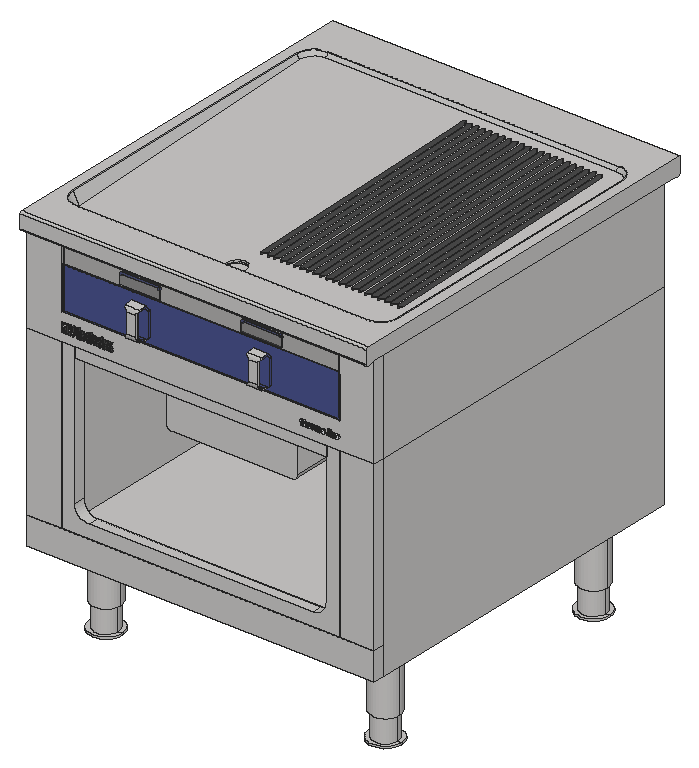
Revit family "QF_ELECTROLUXPROFESSIONAL_589840_MCH2EAH1DM", category Attrezzature speciali, Revit 2021
Family settings
  Quota connettore circolare = Usa diametro
  Tipo di parte = Normale
  Basato su piano di lavoro = No
  Sempre verticale = Sì
  Taglio con vuoti quando caricato = No
  Condiviso = No
  Punto di calcolo locali = No
Parameters (values of type "Standard")
  Weight = 150.00 kg
  Watts = 15300 W
  Volts = 440 V
  URL Manufacturer = "https://www.electroluxprofessional.com/"
  URL = "https://www.electroluxprofessional.com/"
  Steam Supply Size = 0"
  Steam Supply Minimum Pressure = 0.00 psi
  Steam Supply Maximum Pressure = 0.00 psi
  Steam Consumption per Hour = 0
  Refrigeration Suction Line Size = 0 mm
  Refrigeration Liquid Line Size = 0 mm
  Refrigerant Compressor Remote = yes
  Prospetto di default = 0 mm
  Phase = 3
  Modello = "MCH2EAH1DM"
  Produttore = "Electrolux Professional"
  Length Actual = 800 mm  # constant formula
  Item Number = "589840"
  Hot Water Size = 0"
  Height Actual = 700 mm  # constant formula
  HP = "20.5 HP"
  Gas Size = 0"
  Gas KW = 0
  Gas Input Pressure = 0.0 Btu/h
  Direct Waste Size = 0"
  Descrizione = "FRYTOP,H3,MXD,2Z,1S,800X900X700H MARINE"
  Depth Actual = 900 mm  # constant formula
  Cycle = 50 Hz
  Condensate Return Size = 0"
  Compressed Air Volume = 0 GPM
  Compressed Air Size = 0"
  Compressed Air Pressure = 0.00 psi
  Cold Water Size = 0"
  Accessory = yes
Reference planes
  plane 1 "BACK": y = 0
  plane 2: z = 0
  plane 3 "LEFT": x = 0
  plane 4 "RIGHT": x = 800
  plane 5 "FRONT": y = -900
  plane 6 "TOP": z = 900
  plane 7 "Center (Left/Right)": x = 400
  plane 8 "Center (Front/Back)": y = -425
  plane 9: y = -150
  plane 10: y = -65
  plane 11: y = -840
  plane 12 "EIY": y = -685
  plane 13: z = 938
  plane 14 "BaseTop": z = 650
  plane 15: y = -855
  plane 16 "Camino": y = -50
  plane 17 "EIx": x = 755
  plane 18: z = 1131
  plane 19 "PlaneRibbed": through (-6096, -65, 890) normal (0, -0.0251, 0.9997)
  plane 20 "Base": z = 200
Forms (mm)
  Extrusion 1, solid, material "QF_Finishes_Stainless Steel"
    sketch origin (-178.969, -4572, 100) x (-1, 0, 0) y (0, -1, 0)
      loop
        line (-178.969, -4527) -> (-178.969, -3717) -> (-978.969, -3717) -> (-978.969, -4527) -> (-178.969, -4527)
    from 550 to 762.969
  Extrusion 2, solid, material "QF_Finishes_Stainless Steel"
    sketch origin (400, 296.4, 1219.2) x (0, 1, 0) y (0, 0, 1)
      loop
        line (-296.4, -319.2) -> (-1191.4, -319.2)
        arc (-1191.4, -319.2) -> (-1194.935, -320.664) -> (-1196.4, -324.2) r 5
        line (-1196.4, -324.2) -> (-1196.4, -355.2)
        arc (-1196.4, -355.2) -> (-1194.971, -358.264) -> (-1191.705, -359.139) r 4
        line (-1191.705, -359.139) -> (-1176.4, -356.231) -> (-316.4, -356.231) -> (-301.094, -359.139)
        arc (-301.094, -359.139) -> (-297.829, -358.264) -> (-296.4, -355.2) r 4
        line (-296.4, -355.2) -> (-296.4, -319.2)
    from -400 to 400
  Extrusion 3, void
    sketch origin (0, -30, 900) x (-1, 0, 0) y (0, -1, 0)
      loop
        arc (-65, 65) -> (-36.716, 76.716) -> (-25, 105) r 40
        line (-25, 105) -> (-25, 750)
        arc (-25, 750) -> (-36.716, 778.284) -> (-65, 790) r 40
        line (-65, 790) -> (-735, 790)
        arc (-735, 790) -> (-763.284, 778.284) -> (-775, 750) r 40
        line (-775, 750) -> (-775, 105)
        arc (-775, 105) -> (-763.284, 76.716) -> (-735, 65) r 40
        line (-735, 65) -> (-65, 65)
    from 0 to -30
  Extrusion 4, solid, material "QF_Finishes_Stainless Steel"
    sketch origin (0, -50, 200) x (-1, 0, 0) y (0, -1, 0)
      loop
        circle (-755, 635) r 10.1
    from 0 to -10
  Sweep 5, solid, material "QF_Finishes_Stainless Steel"
    path origin (0, -30, 900) x (-1, 0, 0) y (0, -1, 0)
      loop
        line (-25, 105) -> (-25, 750)
        arc (-25, 750) -> (-36.716, 778.284) -> (-65, 790) r 40
        line (-65, 790) -> (-735, 790)
        arc (-735, 790) -> (-763.284, 778.284) -> (-775, 750) r 40
        line (-775, 750) -> (-775, 105)
        arc (-775, 105) -> (-763.284, 76.716) -> (-735, 65) r 40
        line (-735, 65) -> (-65, 65)
        arc (-65, 65) -> (-36.716, 76.716) -> (-25, 105) r 40
    profile origin (25, -457.5, 900) x (1, 0, 0) y (0, 0, 1)
      loop
        line (0, 0) -> (0, -30) -> (15, -30) -> (0, 0)
  Extrusion 6, void
    sketch origin (305.009, -30, 900) x (-1, 0, 0) y (0, -1, 0)
      loop
        circle (-94.991, 746) r 22.248
    from -32.282 to 0
  Extrusion 7, solid, material "QF_Finishes_Stainless Steel"
    sketch origin (400, 266.4, 1219.2) x (0, 1, 0) y (0, 0, 1)
      loop
        line (-1086.4, -349.2) -> (-361.4, -349.2) -> (-361.4, -329.2) -> (-1086.4, -347.399) -> (-1086.4, -349.2)
    from -375 to 375
  Extrusion 8, void
    sketch origin (290.252, -10, 900) x (-1, 0, 0) y (0, -1, 0)
      loop
        circle (-109.748, 765.667) r 22.248
    from -32.282 to 0
  Extrusion 9, solid, material "QF_Finishes_Stainless Steel"
    sketch origin (0, -425, 0) x (-1, 0, 0) y (0, 0, 1)
      loop
        line (-264.372, 616.232) -> (-236.622, 616.232)
        arc (-236.622, 616.232) -> (-235.738, 615.866) -> (-235.372, 614.982) r 1.25
        line (-235.372, 614.982) -> (-235.372, 584.482)
        arc (-235.372, 584.482) -> (-235.738, 583.598) -> (-236.622, 583.232) r 1.25
        line (-236.622, 583.232) -> (-249.372, 583.232) -> (-249.372, 582.232) -> (-236.622, 582.232)
        arc (-236.622, 582.232) -> (-235.031, 582.891) -> (-234.372, 584.482) r 2.25
        line (-234.372, 584.482) -> (-234.372, 614.982)
        arc (-234.372, 614.982) -> (-235.031, 616.573) -> (-236.622, 617.232) r 2.25
        line (-236.622, 617.232) -> (-264.372, 617.232) -> (-264.372, 616.232)
      loop
        line (-537.372, 616.232) -> (-537.372, 617.232) -> (-565.122, 617.232)
        arc (-565.122, 617.232) -> (-566.713, 616.573) -> (-567.372, 614.982) r 2.25
        line (-567.372, 614.982) -> (-567.372, 584.482)
        arc (-567.372, 584.482) -> (-566.713, 582.891) -> (-565.122, 582.232) r 2.25
        line (-565.122, 582.232) -> (-552.372, 582.232) -> (-552.372, 583.232) -> (-565.122, 583.232)
        arc (-565.122, 583.232) -> (-566.006, 583.598) -> (-566.372, 584.482) r 1.25
        line (-566.372, 584.482) -> (-566.372, 614.982)
        arc (-566.372, 614.982) -> (-566.006, 615.866) -> (-565.122, 616.232) r 1.25
        line (-565.122, 616.232) -> (-537.372, 616.232)
    from -365 to 360
  Extrusion 10, solid, material "QF_Finishes_Stainless Steel"
    sketch origin (0, -425, 0) x (-1, 0, 0) y (0, 0, 1)
      loop
        line (-249.872, 583.232) -> (-238.372, 583.232) -> (-238.372, 584.232) -> (-244.372, 590.232) -> (-557.372, 590.232) -> (-563.372, 584.232) -> (-563.372, 583.232) -> (-551.872, 583.232) -> (-551.872, 501.232)
        arc (-551.872, 501.232) -> (-548.65, 493.454) -> (-540.872, 490.232) r 11
        line (-540.872, 490.232) -> (-260.872, 490.232)
        arc (-260.872, 490.232) -> (-253.094, 493.454) -> (-249.872, 501.232) r 11
        line (-249.872, 501.232) -> (-249.872, 583.232)
    from -365 to 360
  Extrusion 11, void
    sketch origin (0, -425, 0) x (-1, 0, 0) y (0, 0, 1)
      loop
        line (-254.872, 501.232) -> (-254.872, 590.232) -> (-546.872, 590.232) -> (-546.872, 506.232)
        arc (-546.872, 506.232) -> (-543.65, 498.454) -> (-535.872, 495.232) r 11
        line (-535.872, 495.232) -> (-260.872, 495.232)
        arc (-260.872, 495.232) -> (-256.629, 496.99) -> (-254.872, 501.232) r 6
    from -350 to 355
  Extrusion 12, solid, material "QF_Finishes_Stainless Steel"
    sketch origin (0, -425, 0) x (-1, 0, 0) y (0, 0, 1)
      loop
        line (-690, 617.232) -> (-109.949, 617.232) -> (-109.949, 627) -> (-690, 627) -> (-690, 617.232)
    from -365 to -351.075
Cuts and joins
  Extrusion 3, Extrusion 6, Extrusion 8 cuts Extrusion 2
  Extrusion 8 cuts Sweep 5
  Extrusion 8 cuts Extrusion 7
  joined: Sweep 5, Extrusion 7
  Extrusion 11 cuts Extrusion 10
Lines and regions (mm)
  symbolic lines
    curve 1: line (0, 0, 100) -> (800, 0, 100)
    curve 2: line (0, -900, 100) -> (0, 0, 100)
    curve 3: line (800, -900, 100) -> (0, -900, 100)
    curve 4: line (800, 0, 100) -> (800, -900, 100)
    curve 5: line (734.029, -95, 0) -> (65.29, -95, 0)
    curve 6: line (65.29, -820, 0) -> (734.029, -820, 0)
    curve 7: line (65, -110, 900) -> (735, -110, 900)
    curve 8: line (735, -805, 900) -> (65, -805, 900)
    curve 9: arc (760, -780, 900) -> (752.678, -797.678, 900) -> (735, -805, 900) r 25
    curve 10: line (760, -135, 900) -> (760, -780, 900)
    curve 11: arc (735, -110, 900) -> (752.678, -117.322, 900) -> (760, -135, 900) r 25
    curve 12: circle (400, -776, 900) r 22.248 normal (0, 0, 1)
    curve 13: arc (90.5, -115.483, 900) -> (62.314, -127.096, 900) -> (50.5, -155.198, 900) r 39.994
    curve 14: line (90.5, -115.482, 900) -> (710.5, -115.482, 900)
    curve 15: line (50.5, -692.082, 900) -> (50.5, -155.198, 900)
    curve 16: arc (50.5, -692.082, 900) -> (62.314, -720.184, 900) -> (90.5, -731.797, 900) r 39.994
    curve 17: line (710.5, -731.798, 900) -> (90.5, -731.798, 900)
    curve 18: line (40.29, -738.526, 900) -> (760, -738.526, 900)
    curve 19: line (40.29, -748.526, 900) -> (760, -748.526, 900)
    curve 20: arc (65, -95, 900) -> (36.716, -106.716, 900) -> (25, -135, 900) r 40
    curve 21: line (25, -135, 900) -> (25, -780, 900)
    curve 22: arc (25, -780, 900) -> (36.716, -808.284, 900) -> (65, -820, 900) r 40
    curve 23: arc (735, -820, 900) -> (763.284, -808.284, 900) -> (775, -780, 900) r 40
    curve 24: line (775, -780, 900) -> (775, -135, 900)
    curve 25: arc (775, -135, 900) -> (763.284, -106.716, 900) -> (735, -95, 900) r 40
    curve 26: arc (709.5, -115.483, 900) -> (737.686, -127.096, 900) -> (749.5, -155.198, 900) r 39.994
    curve 27: line (749.5, -692.082, 900) -> (749.5, -155.198, 900)
    curve 28: arc (749.5, -692.082, 900) -> (737.686, -720.184, 900) -> (709.5, -731.797, 900) r 39.994
    curve 29: arc (65, -805, 900) -> (47.322, -797.678, 900) -> (40, -780, 900) r 25
    curve 30: line (40, -780, 900) -> (40, -135, 900)
    curve 31: arc (40, -135, 900) -> (47.322, -117.322, 900) -> (65, -110, 900) r 25
Dimensions and locks
  plane 3 "LEFT" to plane 4 "RIGHT" = 800 mm
  plane 5 "FRONT" to plane 1 "BACK" = 900 mm
  plane 3 "LEFT" to plane 7 "Center (Left/Right)" to plane 4 "RIGHT" = 400 mm, 400 mm
  plane 5 "FRONT" to plane 8 "Center (Front/Back)" to plane 1 "BACK" = 475 mm, 425 mm
  plane 6 "TOP" to level = 900 mm  (x2)
  plane 1 "BACK" to plane 9 = 150 mm
  plane 12 "EIY" to plane 1 "BACK" = 685 mm
  plane 13 to plane 6 "TOP" = 38 mm
  plane 10 to plane 1 "BACK" = 65 mm
  plane 5 "FRONT" to plane 11 = 60 mm
  locked: plane 6 "TOP" to plane 14 "BaseTop" at 250
  locked: plane 15 to plane 5 "FRONT" at 45
  plane 16 "Camino" to plane 1 "BACK" = 50 mm
  plane 17 "EIx" to plane 4 "RIGHT" = 45 mm
  plane 18 to plane 6 "TOP" = 231 mm
  plane 20 "Base" to level = 200 mm
  aligned and locked: level to plane 2
  aligned and locked: cut or joined group of Extrusion 2, Extrusion 3, Extrusion 6, Extrusion 8 to plane 3 "LEFT"
  aligned and locked: cut or joined group of Extrusion 2, Extrusion 3, Extrusion 6, Extrusion 8 to plane 4 "RIGHT"
  aligned and locked: nested 1 to plane 15
  aligned and locked: Extrusion 1 to plane 15
  aligned and locked: plane 3 "LEFT" to nested 1
  aligned and locked: Extrusion 1 to nested 24
  aligned and locked: nested 25 to plane 9
  aligned and locked: nested 26 to plane 9
Nested families
  nested 1: "Front_Panel_W800_2 Knobs" at (202.376, -855, 0), type "Front_Panel_W800_2 Knobs"
  nested 2: "Rib_D12" at (662.5, -409.667, 882.101) x (-1, 0, 0) z (0, -0.0251, 0.9997), type "Rib_D12"
    with Show Clearance yes, Lenght 588 mm
  nested 3: "Rib_D12" at (647.5, -409.667, 882.101) x (-1, 0, 0) z (0, -0.0251, 0.9997), type "Rib_D12"
    with Show Clearance yes, Lenght 588 mm
  nested 4: "Rib_D12" at (632.5, -409.667, 882.101) x (-1, 0, 0) z (0, -0.0251, 0.9997), type "Rib_D12"
    with Show Clearance yes, Lenght 588 mm
  nested 5: "Rib_D12" at (617.5, -409.667, 882.101) x (-1, 0, 0) z (0, -0.0251, 0.9997), type "Rib_D12"
    with Show Clearance yes, Lenght 588 mm
  nested 6: "Rib_D12" at (602.5, -409.667, 882.101) x (-1, 0, 0) z (0, -0.0251, 0.9997), type "Rib_D12"
    with Show Clearance yes, Lenght 588 mm
  nested 7: "Rib_D12" at (587.5, -409.667, 882.101) x (-1, 0, 0) z (0, -0.0251, 0.9997), type "Rib_D12"
    with Show Clearance yes, Lenght 588 mm
  nested 8: "Rib_D12" at (572.5, -409.667, 882.101) x (-1, 0, 0) z (0, -0.0251, 0.9997), type "Rib_D12"
    with Show Clearance yes, Lenght 588 mm
  nested 9: "Rib_D12" at (557.5, -409.667, 882.101) x (-1, 0, 0) z (0, -0.0251, 0.9997), type "Rib_D12"
    with Show Clearance yes, Lenght 588 mm
  nested 10: "Rib_D12" at (542.5, -409.667, 882.101) x (-1, 0, 0) z (0, -0.0251, 0.9997), type "Rib_D12"
    with Show Clearance yes, Lenght 588 mm
  nested 11: "Rib_D12" at (527.5, -409.667, 882.101) x (-1, 0, 0) z (0, -0.0251, 0.9997), type "Rib_D12"
    with Show Clearance yes, Lenght 588 mm
  nested 12: "Rib_D12" at (512.5, -409.667, 882.101) x (-1, 0, 0) z (0, -0.0251, 0.9997), type "Rib_D12"
    with Show Clearance yes, Lenght 588 mm
  nested 13: "Rib_D12" at (497.5, -409.667, 882.101) x (-1, 0, 0) z (0, -0.0251, 0.9997), type "Rib_D12"
    with Show Clearance yes, Lenght 588 mm
  nested 14: "Rib_D12" at (722.5, -409.667, 882.101) x (-1, 0, 0) z (0, -0.0251, 0.9997), type "Rib_D12"
    with Show Clearance yes, Lenght 588 mm
  nested 15: "Rib_D12" at (707.5, -409.667, 882.101) x (-1, 0, 0) z (0, -0.0251, 0.9997), type "Rib_D12"
    with Show Clearance yes, Lenght 588 mm
  nested 16: "Rib_D12" at (692.5, -409.667, 882.101) x (-1, 0, 0) z (0, -0.0251, 0.9997), type "Rib_D12"
    with Show Clearance yes, Lenght 588 mm
  nested 17: "Rib_D12" at (677.5, -409.667, 882.101) x (-1, 0, 0) z (0, -0.0251, 0.9997), type "Rib_D12"
    with Show Clearance yes, Lenght 588 mm
  nested 18: "Rib_D12" at (482.5, -409.667, 882.101) x (-1, 0, 0) z (0, -0.0251, 0.9997), type "Rib_D12"
    with Show Clearance yes, Lenght 588 mm
  nested 19: "Rib_D12" at (467.5, -409.667, 882.101) x (-1, 0, 0) z (0, -0.0251, 0.9997), type "Rib_D12"
    with Show Clearance yes, Lenght 588 mm
  nested 20: "Rib_D12" at (452.5, -409.667, 882.101) x (-1, 0, 0) z (0, -0.0251, 0.9997), type "Rib_D12"
    with Show Clearance yes, Lenght 588 mm
  nested 21: "Rib_D12" at (437.5, -409.667, 882.101) x (-1, 0, 0) z (0, -0.0251, 0.9997), type "Rib_D12"
    with Show Clearance yes, Lenght 588 mm
  nested 22: "Rib_D12" at (422.5, -409.667, 882.101) x (-1, 0, 0) z (0, -0.0251, 0.9997), type "Rib_D12"
    with Show Clearance yes, Lenght 588 mm
  nested 23: "Rib_D12" at (407.5, -409.667, 882.101) x (-1, 0, 0) z (0, -0.0251, 0.9997), type "Rib_D12"
    with Show Clearance yes, Lenght 588 mm
  nested 24: "QF_ELECTROLUXPROFESSIONAL_589840_BASE" at (0, 0, 0), type "QF_ELECTROLUXPROFESSIONAL_589840_BASE"
    with Type Mark "", Specification by User "", Revision Code "", Item Number "", Installed By "", Identify Quantity as Lot yes, Furnished By "", Foodservice Equipment Identifier yes
  nested 25: "FEET200_MARINE" at (78, -150, 0), type "FEET200_MARINE"
  nested 26: "FEET200_MARINE" at (722, -150, 0), type "FEET200_MARINE"
  nested 27: "FEET200_MARINE" at (78, -750, 0), type "FEET200_MARINE"
  nested 28: "FEET200_MARINE" at (722, -750, 0), type "FEET200_MARINE"
Connectors
  electrical at (755, -685, 190), driven by "Volts"
    settings: on Extrusion 4, index 1, voltage 440 V, apparent load 0 VA, apparent load phase1 0 VA, apparent load phase2 0 VA, apparent load phase3 0 VA, power factor 1, load classification "Other", number of poles 1, system type 30, power factor state 1, is connector primary yes, connector utility no, sub classification motor no, connector description "Electrical Connection"
Definition of nested family "Front_Panel_W800_2 Knobs"
  Parameters
    Default Elevation = 0 mm
  Reference planes
    plane 1 "Center (Front/Back)": y = 0
    plane 2: z = 0
    plane 3 "Center (Left/Right)": x = 197.624
    plane 4 "Left": x = -202.376
    plane 5 "Right": x = 597.624
    plane 6: y = -45
    plane 7: x = 127.624
    plane 8: x = 57.624
    plane 9: x = 337.624
    plane 10: x = 517.624
    plane 11: x = -122.376
    plane 12 "Panel": y = -25
  Forms (mm)
    Extrusion 1, solid
      sketch origin (833.217, 829.203, -1.25) x (0, 1, 0) y (0, 0, 1)
        loop
          line (-854.203, 651.25) -> (-829.203, 651.25) -> (-829.203, 864.25) -> (-854.203, 864.25) -> (-854.203, 651.25)
      from -1035.593 to -235.593
    Extrusion 2, void
      sketch origin (0, 0, 0) x (1, 0, 0) y (0, 0, 1)
        loop
          line (-122.376, 853.866) -> (-122.376, 711.866) -> (517.624, 711.866) -> (517.624, 853.866) -> (-122.376, 853.866)
      from 19.387 to 33.951
  Cuts and joins
    Extrusion 2 cuts Extrusion 1
  Dimensions and locks
    equal spacing: plane 5 "Right", plane 3 "Center (Left/Right)", plane 4 "Left"
    plane 5 "Right" to plane 4 "Left" = 800 mm
    plane 3 "Center (Left/Right)" to plane 7 = 70 mm
    plane 9 to plane 3 "Center (Left/Right)" = 140 mm
    plane 3 "Center (Left/Right)" to plane 8 = 140 mm
    aligned and locked: cut or joined group of Extrusion 1, Extrusion 2 to plane 4 "Left"
    aligned and locked: plane 5 "Right" to cut or joined group of Extrusion 1, Extrusion 2
    aligned and locked: plane 3 "Center (Left/Right)" to nested 1
    aligned and locked: cut or joined group of Extrusion 1, Extrusion 2 to nested 1
    aligned and locked: nested 5 to plane 11
  Automatic sketch dimensions
    Extrusion 1 sketch curve to plane 1 "Center (Front/Back)" = 0 mm
    level to Extrusion 1 sketch curve = 650 mm
    plane 4 "Left" to Extrusion 2 sketch curve = 80 mm
    Extrusion 2 sketch curve to plane 5 "Right" = 80 mm
    level to Extrusion 2 sketch curve = 711.866 mm
    Extrusion 2 sketch curve to Extrusion 2 sketch curve = 142 mm
    Extrusion 1 sketch curve to plane 6 = 20 mm
    Extrusion 1 sketch curve to Extrusion 1 sketch curve = 213 mm
  Nested families
    nested 1: "Front glass control panel W800_Two" at (197.624, 280.644, 2.752), type "Front glass control panel W800_Two"
    nested 2: "Range Control Handle" at (57.851, -28.137, -209.113) x (-1, 0, 0) z (0, 0, 1), type "Range Control Handle"
    nested 3: "Range Control Handle" at (337.624, -28.137, -209.113), type "Range Control Handle"
    nested 4: "ELX_ThermaLine_Small" at (469.031, -25, 679.402) x (1, 0, 0) z (0, -1, 0), type "ELX_ThermaLine_Small"
      with Show Logo yes, Material_Logo none
    nested 5: "ELX_Professional_Logo_Small" at (-62.89, -25, 681.634) x (1, 0, 0) z (0, -1, 0), type "ELX_Professional_Logo_Small"
      with Show Logo yes, Material_Logo none
  Definition of nested family "Front glass control panel W800_Two"
    Parameters
      Default Elevation = 0 mm
    Reference planes
      plane 1 "Center (Front/Back)": y = 0
      plane 2: z = 0
      plane 3 "Center (Left/Right)": x = 0
      plane 4: x = -140
      plane 5: x = 140
    Forms (mm)
      Extrusion 1, solid
        sketch origin (378.286, 0, 0.617) x (1, 0, 0) y (0, 0, 1)
          loop
            line (-698.286, 806.791) -> (-698.286, 708.497) -> (-58.286, 708.497) -> (-58.286, 806.791) -> (-698.286, 806.791)
        from 300.031 to 304.8
      Extrusion 2, solid
        sketch origin (378.286, 0, 0.617) x (1, 0, 0) y (0, 0, 1)
          loop
            line (-698.286, 850.497) -> (-698.286, 806.791) -> (-58.286, 806.791) -> (-58.286, 850.497) -> (-698.286, 850.497)
        from 300.031 to 304.8
      Extrusion 3, void
        sketch origin (378.286, 0, 0.617) x (1, 0, 0) y (0, 0, 1)
          loop
            line (-695.628, 847.565) -> (-695.628, 710.699) -> (-61.196, 710.699) -> (-61.196, 847.565) -> (-695.628, 847.565)
        from 303.697 to 304.8
      Extrusion 4, solid
        sketch origin (-448.309, 1.101, -0.633) x (-1, 0, 0) y (0, 0, -1)
          loop
            line (-261.431, -812.62) -> (-355.186, -812.62) -> (-355.186, -834.177) -> (-350.269, -834.177) -> (-348.469, -835.977) -> (-268.039, -835.977) -> (-266.24, -834.177) -> (-261.431, -834.177) -> (-261.431, -812.62)
        from 304.798 to 306.745
      Extrusion 5, solid
        sketch origin (-448.309, 1.101, -0.633) x (-1, 0, 0) y (0, 0, -1)
          loop
            line (-350.269, -834.177) -> (-355.078, -834.177)
            arc (-355.078, -834.177) -> (-353.942, -838.747) -> (-349.686, -840.763) r 5.5
            line (-349.686, -840.763) -> (-266.98, -840.763)
            arc (-266.98, -840.763) -> (-262.706, -838.752) -> (-261.529, -834.177) r 5.549
            line (-261.529, -834.177) -> (-266.24, -834.177) -> (-268.039, -835.977) -> (-348.469, -835.977) -> (-350.269, -834.177)
        from 304.798 to 306.745
      Extrusion 6, solid
        sketch origin (448.309, 1.101, -0.633) x (1, 0, 0) y (0, 0, 1)
          loop
            line (-261.431, 812.62) -> (-261.431, 834.177) -> (-266.24, 834.177) -> (-268.039, 835.977) -> (-348.469, 835.977) -> (-350.269, 834.177) -> (-355.186, 834.177) -> (-355.186, 812.62) -> (-261.431, 812.62)
        from 304.798 to 306.745
      Extrusion 7, solid
        sketch origin (448.309, 1.101, -0.633) x (1, 0, 0) y (0, 0, 1)
          loop
            line (-350.269, 834.177) -> (-348.469, 835.977) -> (-268.039, 835.977) -> (-266.24, 834.177) -> (-261.529, 834.177)
            arc (-261.529, 834.177) -> (-262.706, 838.752) -> (-266.98, 840.763) r 5.549
            line (-266.98, 840.763) -> (-349.686, 840.763)
            arc (-349.686, 840.763) -> (-353.942, 838.747) -> (-355.078, 834.177) r 5.5
            line (-355.078, 834.177) -> (-350.269, 834.177)
        from 304.798 to 306.745
    Cuts and joins
      Extrusion 3 cuts Extrusion 1
      Extrusion 3 cuts Extrusion 2
    Dimensions and locks
      plane 3 "Center (Left/Right)" to plane 4 = 140 mm
      plane 5 to plane 3 "Center (Left/Right)" = 140 mm
      aligned and locked: Extrusion 1 to Extrusion 2
      aligned and locked: Extrusion 5 sketch curve to Extrusion 4  (x5)
      aligned and locked: Extrusion 5 to Extrusion 4
      aligned and locked: Extrusion 7 sketch curve to Extrusion 6  (x4)
      aligned and locked: Extrusion 6 to Extrusion 7 sketch curve
      aligned and locked: Extrusion 7 to Extrusion 6
  Definition of nested family "Range Control Handle"
    Parameters
      Default Elevation = 0 mm
    Reference planes
      plane 1 "Center (Front/Back)": y = 0
      plane 2: z = 0
      plane 3 "Center (Left/Right)": x = 0
      plane 4: z = 971.092
      plane 5: y = -16.9
    Forms (mm)
      Extrusion 1, solid
        sketch origin (-746.28, 380.497, 208.931) x (-1, 0, 0) y (0, 0, 1)
          loop
            line (-770.101, 786.798) -> (-770.101, 731.649)
            arc (-770.101, 731.649) -> (-769.759, 730.563) -> (-768.855, 729.87) r 1.893
            line (-768.855, 729.87) -> (-763.474, 727.911) -> (-729.81, 727.911) -> (-724.428, 729.87)
            arc (-724.428, 729.87) -> (-723.525, 730.563) -> (-723.183, 731.649) r 1.893
            line (-723.183, 731.649) -> (-723.183, 786.798)
            arc (-723.183, 786.798) -> (-723.529, 787.894) -> (-724.44, 788.593) r 1.91
            line (-724.44, 788.593) -> (-729.683, 790.819) -> (-763.601, 790.819) -> (-768.844, 788.593)
            arc (-768.844, 788.593) -> (-769.755, 787.894) -> (-770.101, 786.798) r 1.91
        from -382.35 to -378.852
      Sweep 2, solid
        path origin (-746.788, 380.496, 208.091) x (0, -1, 0) y (0, 0, 1)
          loop
            line (379.775, 793.281) -> (395.661, 791.048)
            arc (395.661, 791.048) -> (397.781, 787.377) -> (398.517, 783.202) r 12.207
            line (398.517, 783.202) -> (398.517, 737.368)
            arc (398.517, 737.368) -> (397.781, 733.193) -> (395.661, 729.522) r 12.207
            line (395.661, 729.522) -> (379.775, 727.289)
        profile origin (-746.788, -7.222, 1000.256) x (0, -0.139173, 0.990268) y (-1, 0, 0)
          loop
            line (0.782, -763.123) -> (0.782, -730.907) -> (-1.322, -730.907) -> (-1.322, -763.123) -> (0.782, -763.123)
      Sweep 3, solid
        path origin (-746.788, 380.715, 207.832) x (0, -1, 0) y (0, 0, 1)
          loop
            line (380.478, 795.442) -> (397.218, 793.09)
            arc (397.218, 793.09) -> (399.929, 788.473) -> (400.871, 783.202) r 15.207
            line (400.871, 783.202) -> (400.871, 737.584)
            arc (400.871, 737.584) -> (399.914, 732.274) -> (397.164, 727.633) r 15.207
            line (397.164, 727.633) -> (380.601, 725.305)
        profile origin (-746.788, -8.132, 1002.099) x (0, -0.139173, 0.990268) y (-1, 0, 0)
          loop
            line (0.782, -763.123) -> (0.782, -730.907) -> (-1.322, -730.907) -> (-1.322, -763.123) -> (0.782, -763.123)
      Extrusion 4, void
        sketch origin (889.253, 220.666, 207.993) x (1, 0, 0) y (0, 0, 1)
          loop
            line (-943.038, 816.854) -> (-943.038, 703.686) -> (-899.466, 734.196) -> (-899.466, 786.344) -> (-943.038, 816.854)
        from 230.636 to 242.25
      Extrusion 5, void
        sketch origin (-888.8, 220.666, 207.993) x (-1, 0, 0) y (0, 0, -1)
          loop
            line (-943.038, -816.854) -> (-899.466, -786.344) -> (-899.466, -734.196) -> (-943.038, -703.686) -> (-943.038, -816.854)
        from 230.636 to 242.25
      Extrusion 6, solid
        sketch origin (0, 0, 0) x (1, 0, 0) y (0, 0, 1)
          loop
            circle (0, 971.092) r 7.736
        from -3.137 to -1.645
    Cuts and joins
      Extrusion 4, Extrusion 5 cuts Sweep 3
      Extrusion 4, Extrusion 5 cuts Sweep 2
      joined: Extrusion 1, Extrusion 6
    Lines and regions (mm)
      symbolic lines
        curve 1: line (16.334, -16.9, 0) -> (16.334, -19.227, 0)
        curve 2: spline (16.334, -19.227, 0) -> (15.87, -19.385, 0) -> (15.404, -19.536, 0) -> (14.936, -19.678, 0) -> (14.466, -19.813, 0) -> (13.995, -19.94, 0) -> (13.523, -20.059, 0) -> (13.049, -20.171, 0) -> (12.575, -20.274, 0) -> (12.099, -20.37, 0) -> (11.622, -20.458, 0) -> (11.144, -20.537, 0) -> (10.666, -20.609, 0)
        curve 3: line (10.666, -16.9, 0) -> (10.666, -20.938, 0)
        curve 4: line (-10.213, -20.938, 0) -> (10.666, -20.938, 0)
        curve 5: line (-10.213, -20.938, 0) -> (-10.213, -16.9, 0)
        curve 6: spline (-10.213, -20.609, 0) -> (-10.691, -20.537, 0) -> (-11.169, -20.458, 0) -> (-11.646, -20.37, 0) -> (-12.122, -20.274, 0) -> (-12.597, -20.171, 0) -> (-13.07, -20.059, 0) -> (-13.542, -19.94, 0) -> (-14.013, -19.813, 0) -> (-14.483, -19.678, 0) -> (-14.951, -19.536, 0) -> (-15.417, -19.385, 0) -> (-15.881, -19.227, 0)
        curve 7: line (-15.881, -19.227, 0) -> (-15.881, -16.9, 0)
  Definition of nested family "ELX_ThermaLine_Small"
    Parameters
      Show Logo [instance] = yes
      Material_Logo [instance] = none
      Default Elevation = 0 mm
    Reference planes
      plane 1 "Centro (Fronte/Retro)": y = 0
      plane 2: z = 0
      plane 3 "Centro (Sinistra/Destra)": x = 0
    Forms (mm)
      Extrusion 1, solid
        sketch origin (0, 0, 0) x (1, 0, 0) y (0, 1, 0)
          loop
            line (-1219.2, 1219.2) -> (-1219.2, -1219.2) -> (1219.2, -1219.2) -> (1219.2, 1219.2) -> (-1219.2, 1219.2)
        from 0 to -304.8
      Extrusion 2, solid
        sketch origin (0, 0, 0) x (1, 0, 0) y (0, 1, 0)
          loop
            line (-37.494, 1.229) -> (-35.908, 1.229) -> (-35.908, 3.066) -> (-37.494, 3.066) -> (-37.494, 6.221) -> (-39.867, 4.881) -> (-39.867, 3.066) -> (-40.969, 3.066) -> (-40.969, 1.229) -> (-39.867, 1.229) -> (-39.867, -3.407)
            arc (-39.867, -3.407) -> (-38.982, -5.513) -> (-36.751, -6.001) r 2.478
            line (-36.751, -6.001) -> (-35.638, -5.7) -> (-35.9, -3.835) -> (-36.661, -4.039)
            arc (-36.661, -4.039) -> (-37.236, -3.924) -> (-37.494, -3.399) r 0.662
            line (-37.494, -3.399) -> (-37.494, 1.229)
          loop
            line (-34.242, 6.539) -> (-34.242, -5.848) -> (-31.854, -5.848) -> (-31.854, -0.078)
            arc (-31.854, -0.078) -> (-30.939, 1.249) -> (-29.33, 1.367) r 1.866
            arc (-29.33, 1.367) -> (-28.695, 0.768) -> (-28.461, -0.073) r 1.627
            line (-28.461, -0.073) -> (-28.461, -5.848) -> (-26.086, -5.848) -> (-26.064, -0.46)
            arc (-26.064, -0.46) -> (-26.261, 0.932) -> (-26.786, 2.237) r 5.825
            arc (-26.786, 2.237) -> (-29.381, 3.264) -> (-31.854, 1.971) r 3.353
            line (-31.854, 1.971) -> (-31.854, 6.539) -> (-34.242, 6.539)
          loop
            arc (-18.398, -0.598) -> (-18.893, 0.879) -> (-20.326, 1.487) r 1.897
            arc (-20.326, 1.487) -> (-21.461, 0.708) -> (-21.897, -0.598) r 2.164
            line (-21.897, -0.598) -> (-18.398, -0.598)
          loop
            arc (-16.021, -2.044) -> (-16.754, 1.227) -> (-19.444, 3.226) r 4.814
            arc (-19.444, 3.226) -> (-22.137, 2.788) -> (-23.943, 0.743) r 4.054
            arc (-23.943, 0.743) -> (-24.382, -1.249) -> (-24.162, -3.276) r 6.289
            arc (-24.162, -3.276) -> (-23.302, -4.71) -> (-21.958, -5.705) r 4.28
            arc (-21.958, -5.705) -> (-18.558, -5.814) -> (-16.152, -3.409) r 4.28
            line (-16.152, -3.409) -> (-18.5, -2.995)
            arc (-18.5, -2.995) -> (-19.273, -3.994) -> (-20.533, -4.076) r 1.536
            arc (-20.533, -4.076) -> (-21.56, -3.281) -> (-21.958, -2.044) r 2.197
            line (-21.958, -2.044) -> (-16.021, -2.044)
          loop
            line (-14.165, -5.848) -> (-11.819, -5.848) -> (-11.819, -2.138)
            arc (-11.819, -2.138) -> (-11.787, -1.156) -> (-11.637, -0.185) r 8.18
            arc (-11.637, -0.185) -> (-10.644, 0.972) -> (-9.132, 0.776) r 1.603
            line (-9.132, 0.776) -> (-8.419, 2.846)
            arc (-8.419, 2.846) -> (-10.432, 3.118) -> (-11.994, 1.821) r 2.527
            line (-11.994, 1.821) -> (-11.994, 3.094) -> (-14.165, 3.094) -> (-14.165, -5.848)
          loop
            line (-7.579, 3.094) -> (-7.579, -5.848) -> (-5.178, -5.848) -> (-5.178, -0.756)
            arc (-5.178, -0.756) -> (-4.727, 0.679) -> (-3.417, 1.419) r 2.05
            arc (-3.417, 1.419) -> (-2.499, 0.908) -> (-2.155, -0.085) r 1.471
            line (-2.155, -0.085) -> (-2.155, -5.848) -> (0.23, -5.848) -> (0.23, -1.001)
            arc (0.23, -1.001) -> (0.47, 0.127) -> (1.148, 1.061) r 2.775
            arc (1.148, 1.061) -> (2.225, 1.329) -> (3.05, 0.587) r 1.182
            arc (3.05, 0.587) -> (3.199, -0.019) -> (3.214, -0.642) r 2.894
            line (3.214, -0.642) -> (3.214, -5.848) -> (5.601, -5.848) -> (5.601, 0.261)
            arc (5.601, 0.261) -> (4.87, 2.263) -> (2.976, 3.241) r 2.932
            arc (2.976, 3.241) -> (1.284, 2.973) -> (-0.047, 1.896) r 3.309
            arc (-0.047, 1.896) -> (-1.116, 2.865) -> (-2.506, 3.258) r 3.16
            arc (-2.506, 3.258) -> (-4.105, 2.942) -> (-5.376, 1.92) r 3.419
            line (-5.376, 1.92) -> (-5.376, 3.094) -> (-7.579, 3.094)
          loop
            line (7.583, 0.738) -> (9.702, 0.364)
            arc (9.702, 0.364) -> (11.441, 1.492) -> (12.855, -0.023) r 1.613
            line (12.855, -0.023) -> (9.782, -0.789)
            arc (9.782, -0.789) -> (8.559, -1.346) -> (7.617, -2.305) r 3.687
            arc (7.617, -2.305) -> (7.499, -3.681) -> (7.901, -5.003) r 3.651
            arc (7.901, -5.003) -> (9.107, -5.766) -> (10.515, -6.006) r 3.635
            arc (10.515, -6.006) -> (11.898, -5.697) -> (13.067, -4.895) r 3.734
            line (13.067, -4.895) -> (13.376, -5.848) -> (15.75, -5.848) -> (15.212, -4.193) -> (15.212, 0.38)
            arc (15.212, 0.38) -> (14.897, 1.849) -> (13.818, 2.895) r 2.585
            arc (13.818, 2.895) -> (11.792, 3.442) -> (9.719, 3.11) r 5.005
            arc (9.719, 3.11) -> (8.369, 2.178) -> (7.583, 0.738) r 3.54
          loop
            line (19.723, -5.848) -> (22.233, -5.848) -> (24.854, 6.484) -> (22.345, 6.484) -> (19.723, -5.848)
          loop
            line (24.583, -5.848) -> (26.953, -5.848) -> (28.848, 3.066) -> (26.478, 3.066) -> (24.583, -5.848)
          loop
            line (27.204, 6.484) -> (26.741, 4.305) -> (29.111, 4.305) -> (29.575, 6.484) -> (27.204, 6.484)
          loop
            line (29.355, -5.848) -> (31.849, -5.848) -> (33.098, 0.028)
            arc (33.098, 0.028) -> (34.169, 1.306) -> (35.832, 1.422) r 2.132
            arc (35.832, 1.422) -> (36.324, 0.752) -> (36.383, -0.078) r 1.5
            line (36.383, -0.078) -> (35.157, -5.848) -> (37.536, -5.848) -> (38.936, 0.738)
            arc (38.936, 0.738) -> (38.775, 2.091) -> (37.825, 3.066) r 2.118
            arc (37.825, 3.066) -> (35.392, 3.175) -> (33.295, 1.937) r 4.271
            line (33.295, 1.937) -> (33.535, 3.066) -> (31.25, 3.066) -> (29.355, -5.848)
          loop
            line (42.792, -0.64) -> (46.589, -0.64)
            arc (46.589, -0.64) -> (46.639, 0.124) -> (46.327, 0.823) r 1.589
            arc (46.327, 0.823) -> (45.117, 1.521) -> (43.762, 1.183) r 1.865
            arc (43.762, 1.183) -> (43.141, 0.344) -> (42.792, -0.64) r 3.538
          loop
            line (42.565, -2.138) -> (48.593, -2.138)
            arc (48.593, -2.138) -> (48.58, 0.597) -> (46.983, 2.818) r 4.494
            arc (46.983, 2.818) -> (44.191, 3.28) -> (41.725, 1.891) r 4.26
            arc (41.725, 1.891) -> (40.503, -0.3) -> (40.284, -2.799) r 6.003
            arc (40.284, -2.799) -> (40.959, -4.468) -> (42.377, -5.576) r 3.482
            arc (42.377, -5.576) -> (44.265, -5.961) -> (46.152, -5.576) r 4.823
            arc (46.152, -5.576) -> (47.432, -4.731) -> (48.328, -3.485) r 4.245
            line (48.328, -3.485) -> (46.168, -3.105)
            arc (46.168, -3.105) -> (45.214, -4.072) -> (43.859, -4.181) r 1.953
            arc (43.859, -4.181) -> (42.821, -3.408) -> (42.565, -2.138) r 1.81
          loop
            line (12.868, -1.553) -> (10.216, -2.214)
            arc (10.216, -2.214) -> (9.747, -3.136) -> (10.216, -4.058) r 1.14
            arc (10.216, -4.058) -> (11.537, -4.249) -> (12.614, -3.46) r 1.763
            arc (12.614, -3.46) -> (12.858, -2.522) -> (12.868, -1.553) r 3.97
        from 0 to 1.6
    Dimensions and locks
      aligned and locked: plane 2 to Extrusion 1
      aligned and locked: level to Extrusion 1
  Definition of nested family "ELX_Professional_Logo_Small"
    Parameters
      Show Logo [instance] = yes
      Material_Logo [instance] = none
      Default Elevation = 0 mm
    Reference planes
      plane 1 "Centro (Fronte/Retro)": y = 0
      plane 2: z = 0
      plane 3 "Centro (Sinistra/Destra)": x = 0
    Forms (mm)
      Extrusion 1, solid
        sketch origin (0, 0, 0) x (1, 0, 0) y (0, 1, 0)
          loop
            line (-1219.2, 1219.2) -> (-1219.2, -1219.2) -> (1219.2, -1219.2) -> (1219.2, 1219.2) -> (-1219.2, 1219.2)
        from 0 to -304.8
      Extrusion 2, solid, material <- "Material_Logo"
        sketch origin (15.5, 0, 0) x (1, 0, 0) y (0, 1, 0)
          loop
            spline (-42.99, -1.24) -> (-43.195, -1.231) -> (-43.415, -1.203) -> (-43.642, -1.152) -> (-43.87, -1.074) -> (-44.095, -0.966) -> (-44.309, -0.825) -> (-44.506, -0.647) -> (-44.681, -0.429) -> (-44.828, -0.167) -> (-44.94, 0.142) -> (-45.011, 0.501) -> (-45.037, 0.915)
            line (-45.037, 0.915) -> (-45.037, 2.748) -> (-38.984, 2.748) -> (-38.984, 5.086) -> (-45.038, 5.086) -> (-45.038, 8.489) -> (-38.599, 8.489) -> (-38.599, 10.82) -> (-47.515, 10.82) -> (-47.515, 1.021)
            spline (-47.515, 1.021) -> (-47.493, 0.418) -> (-47.425, -0.15) -> (-47.311, -0.682) -> (-47.15, -1.175) -> (-46.939, -1.628) -> (-46.678, -2.038) -> (-46.365, -2.404) -> (-46, -2.723) -> (-45.58, -2.995) -> (-45.105, -3.216) -> (-44.573, -3.385) -> (-43.983, -3.499)
            line (-43.983, -3.499) -> (-43.01, -3.569) -> (-38.426, -3.569) -> (-38.426, -1.24) -> (-42.99, -1.24)
          loop
            line (-36.666, 4.021) -> (-36.666, -3.573) -> (-34.188, -3.573) -> (-34.188, 10.824) -> (-36.666, 10.824) -> (-36.666, 4.021)
          loop
            spline (-21.915, 1.897) -> (-21.957, 2.615) -> (-22.082, 3.303) -> (-22.285, 3.955) -> (-22.563, 4.564) -> (-22.913, 5.124) -> (-23.331, 5.629) -> (-23.814, 6.074) -> (-24.359, 6.451) -> (-24.961, 6.755) -> (-25.618, 6.98) -> (-26.326, 7.119) -> (-27.081, 7.167)
            spline (-27.081, 7.167) -> (-27.853, 7.122) -> (-28.586, 6.99) -> (-29.275, 6.774) -> (-29.915, 6.478) -> (-30.5, 6.104) -> (-31.024, 5.657) -> (-31.483, 5.138) -> (-31.871, 4.553) -> (-32.182, 3.904) -> (-32.411, 3.194) -> (-32.552, 2.427) -> (-32.6, 1.606)
            spline (-32.6, 1.606) -> (-32.553, 0.805) -> (-32.416, 0.057) -> (-32.193, -0.637) -> (-31.887, -1.271) -> (-31.504, -1.843) -> (-31.048, -2.35) -> (-30.523, -2.788) -> (-29.934, -3.154) -> (-29.284, -3.444) -> (-28.579, -3.656) -> (-27.822, -3.785) -> (-27.019, -3.829)
            spline (-27.019, -3.829) -> (-26.627, -3.82) -> (-26.239, -3.79) -> (-25.856, -3.739) -> (-25.477, -3.663) -> (-25.103, -3.562) -> (-24.734, -3.432) -> (-24.369, -3.273) -> (-24.01, -3.082) -> (-23.655, -2.858) -> (-23.305, -2.597) -> (-22.96, -2.299) -> (-22.621, -1.962)
            line (-22.621, -1.962) -> (-24.114, -0.509)
            spline (-24.114, -0.509) -> (-24.311, -0.699) -> (-24.509, -0.872) -> (-24.71, -1.03) -> (-24.915, -1.172) -> (-25.126, -1.297) -> (-25.346, -1.407) -> (-25.576, -1.5) -> (-25.817, -1.576) -> (-26.072, -1.636) -> (-26.342, -1.678) -> (-26.629, -1.704) -> (-26.936, -1.713)
            spline (-26.936, -1.713) -> (-27.384, -1.691) -> (-27.805, -1.625) -> (-28.196, -1.518) -> (-28.556, -1.372) -> (-28.882, -1.187) -> (-29.174, -0.966) -> (-29.429, -0.71) -> (-29.645, -0.422) -> (-29.821, -0.102) -> (-29.955, 0.247) -> (-30.045, 0.623) -> (-30.089, 1.026)
            line (-30.089, 1.026) -> (-21.956, 1.026) -> (-21.915, 1.897)
          loop
            spline (-24.446, 2.769) -> (-24.47, 3.075) -> (-24.54, 3.37) -> (-24.654, 3.65) -> (-24.807, 3.913) -> (-24.996, 4.156) -> (-25.219, 4.376) -> (-25.472, 4.57) -> (-25.753, 4.736) -> (-26.057, 4.869) -> (-26.382, 4.968) -> (-26.724, 5.03) -> (-27.081, 5.051)
            spline (-27.081, 5.051) -> (-27.464, 5.03) -> (-27.832, 4.97) -> (-28.183, 4.872) -> (-28.513, 4.74) -> (-28.819, 4.577) -> (-29.099, 4.384) -> (-29.347, 4.165) -> (-29.563, 3.923) -> (-29.742, 3.659) -> (-29.881, 3.377) -> (-29.977, 3.079) -> (-30.027, 2.769)
            line (-30.027, 2.769) -> (-24.446, 2.769)
          loop
            spline (-18.167, 1.669) -> (-18.138, 2.13) -> (-18.055, 2.567) -> (-17.921, 2.978) -> (-17.739, 3.358) -> (-17.512, 3.705) -> (-17.243, 4.016) -> (-16.937, 4.287) -> (-16.596, 4.517) -> (-16.223, 4.7) -> (-15.823, 4.835) -> (-15.398, 4.919) -> (-14.951, 4.947)
            spline (-14.951, 4.947) -> (-14.677, 4.938) -> (-14.414, 4.913) -> (-14.162, 4.871) -> (-13.921, 4.812) -> (-13.69, 4.738) -> (-13.467, 4.649) -> (-13.254, 4.544) -> (-13.048, 4.424) -> (-12.85, 4.291) -> (-12.659, 4.143) -> (-12.474, 3.981) -> (-12.295, 3.806)
            line (-12.295, 3.806) -> (-10.76, 5.403)
            spline (-10.76, 5.403) -> (-11.065, 5.709) -> (-11.38, 5.984) -> (-11.703, 6.228) -> (-12.035, 6.443) -> (-12.375, 6.63) -> (-12.723, 6.788) -> (-13.078, 6.92) -> (-13.44, 7.026) -> (-13.809, 7.107) -> (-14.184, 7.164) -> (-14.564, 7.198) -> (-14.951, 7.209)
            spline (-14.951, 7.209) -> (-15.725, 7.161) -> (-16.467, 7.02) -> (-17.169, 6.792) -> (-17.826, 6.482) -> (-18.43, 6.096) -> (-18.976, 5.637) -> (-19.455, 5.112) -> (-19.862, 4.525) -> (-20.19, 3.882) -> (-20.433, 3.189) -> (-20.584, 2.449) -> (-20.635, 1.669)
            spline (-20.635, 1.669) -> (-20.584, 0.889) -> (-20.433, 0.149) -> (-20.19, -0.545) -> (-19.862, -1.187) -> (-19.455, -1.774) -> (-18.976, -2.299) -> (-18.43, -2.758) -> (-17.826, -3.145) -> (-17.169, -3.454) -> (-16.467, -3.682) -> (-15.725, -3.823) -> (-14.951, -3.871)
            spline (-14.951, -3.871) -> (-14.564, -3.86) -> (-14.184, -3.826) -> (-13.809, -3.77) -> (-13.44, -3.689) -> (-13.078, -3.583) -> (-12.723, -3.451) -> (-12.375, -3.292) -> (-12.035, -3.105) -> (-11.703, -2.89) -> (-11.38, -2.646) -> (-11.065, -2.371) -> (-10.76, -2.066)
            line (-10.76, -2.066) -> (-12.295, -0.468)
            spline (-12.295, -0.468) -> (-12.474, -0.643) -> (-12.659, -0.805) -> (-12.85, -0.953) -> (-13.048, -1.087) -> (-13.254, -1.206) -> (-13.467, -1.311) -> (-13.69, -1.4) -> (-13.921, -1.475) -> (-14.162, -1.533) -> (-14.414, -1.575) -> (-14.677, -1.6) -> (-14.951, -1.609)
            spline (-14.951, -1.609) -> (-15.398, -1.581) -> (-15.823, -1.497) -> (-16.223, -1.362) -> (-16.596, -1.179) -> (-16.937, -0.95) -> (-17.243, -0.678) -> (-17.512, -0.367) -> (-17.739, -0.02) -> (-17.921, 0.36) -> (-18.055, 0.771) -> (-18.138, 1.208) -> (-18.167, 1.669)
          loop
            spline (-4.441, -1.243) -> (-4.659, -1.247) -> (-4.894, -1.23) -> (-5.137, -1.19) -> (-5.384, -1.121) -> (-5.628, -1.021) -> (-5.864, -0.884) -> (-6.084, -0.708) -> (-6.283, -0.488) -> (-6.454, -0.219) -> (-6.592, 0.101) -> (-6.69, 0.478) -> (-6.742, 0.914)
            line (-6.742, 0.914) -> (-6.742, 4.587) -> (-4.487, 4.587) -> (-4.487, 6.838) -> (-6.738, 6.838) -> (-6.738, 10.824) -> (-9.217, 10.824) -> (-9.217, 0.773)
            spline (-9.217, 0.773) -> (-9.164, 0.19) -> (-9.068, -0.358) -> (-8.928, -0.87) -> (-8.742, -1.343) -> (-8.511, -1.777) -> (-8.232, -2.168) -> (-7.904, -2.515) -> (-7.527, -2.816) -> (-7.098, -3.069) -> (-6.618, -3.273) -> (-6.084, -3.426) -> (-5.496, -3.525)
            line (-5.496, -3.525) -> (-4.45, -3.573) -> (-4.441, -1.243)
          loop
            spline (3.898, 6.983) -> (3.469, 7.009) -> (3.056, 7.001) -> (2.661, 6.961) -> (2.283, 6.888) -> (1.925, 6.785) -> (1.588, 6.652) -> (1.272, 6.49) -> (0.979, 6.301) -> (0.71, 6.085) -> (0.465, 5.844) -> (0.247, 5.578) -> (0.056, 5.289)
            line (0.056, 5.289) -> (0.056, 6.838) -> (-2.402, 6.838) -> (-2.402, -3.572) -> (0.056, -3.572) -> (0.056, 1.901)
            spline (0.056, 1.901) -> (0.079, 2.316) -> (0.145, 2.703) -> (0.254, 3.06) -> (0.404, 3.386) -> (0.592, 3.679) -> (0.818, 3.938) -> (1.08, 4.162) -> (1.375, 4.348) -> (1.703, 4.495) -> (2.062, 4.602) -> (2.45, 4.668) -> (2.865, 4.69)
            line (2.865, 4.69) -> (3.898, 4.586) -> (3.898, 6.983)
          loop
            spline (15.638, 1.633) -> (15.586, 2.396) -> (15.435, 3.124) -> (15.192, 3.81) -> (14.863, 4.449) -> (14.455, 5.034) -> (13.975, 5.56) -> (13.43, 6.021) -> (12.826, 6.411) -> (12.17, 6.724) -> (11.469, 6.955) -> (10.729, 7.098) -> (9.958, 7.147)
            spline (9.958, 7.147) -> (9.182, 7.098) -> (8.44, 6.955) -> (7.737, 6.724) -> (7.081, 6.411) -> (6.477, 6.021) -> (5.933, 5.56) -> (5.454, 5.034) -> (5.048, 4.449) -> (4.721, 3.81) -> (4.479, 3.124) -> (4.329, 2.396) -> (4.277, 1.633)
            spline (4.277, 1.633) -> (4.329, 0.869) -> (4.479, 0.141) -> (4.721, -0.544) -> (5.048, -1.183) -> (5.454, -1.768) -> (5.933, -2.294) -> (6.477, -2.755) -> (7.081, -3.145) -> (7.737, -3.459) -> (8.44, -3.69) -> (9.182, -3.833) -> (9.958, -3.882)
            spline (9.958, -3.882) -> (10.729, -3.833) -> (11.469, -3.69) -> (12.17, -3.459) -> (12.826, -3.145) -> (13.43, -2.755) -> (13.975, -2.294) -> (14.455, -1.768) -> (14.863, -1.183) -> (15.192, -0.544) -> (15.435, 0.141) -> (15.586, 0.869) -> (15.638, 1.633)
          loop
            spline (13.18, 1.633) -> (13.151, 2.083) -> (13.067, 2.513) -> (12.932, 2.918) -> (12.748, 3.296) -> (12.52, 3.642) -> (12.251, 3.954) -> (11.943, 4.227) -> (11.601, 4.459) -> (11.228, 4.645) -> (10.828, 4.782) -> (10.403, 4.867) -> (9.958, 4.896)
            spline (9.958, 4.896) -> (9.509, 4.867) -> (9.081, 4.782) -> (8.679, 4.645) -> (8.306, 4.459) -> (7.964, 4.227) -> (7.658, 3.954) -> (7.39, 3.642) -> (7.163, 3.296) -> (6.981, 2.918) -> (6.847, 2.513) -> (6.765, 2.083) -> (6.736, 1.633)
            spline (6.736, 1.633) -> (6.765, 1.182) -> (6.847, 0.753) -> (6.981, 0.347) -> (7.163, -0.031) -> (7.39, -0.377) -> (7.658, -0.689) -> (7.964, -0.962) -> (8.306, -1.193) -> (8.679, -1.38) -> (9.081, -1.517) -> (9.509, -1.602) -> (9.958, -1.631)
            spline (9.958, -1.631) -> (10.403, -1.602) -> (10.828, -1.517) -> (11.228, -1.38) -> (11.601, -1.193) -> (11.943, -0.962) -> (12.251, -0.689) -> (12.52, -0.377) -> (12.748, -0.031) -> (12.932, 0.347) -> (13.067, 0.753) -> (13.151, 1.182) -> (13.18, 1.633)
          loop
            line (17.162, 4.269) -> (17.162, -3.573) -> (19.642, -3.573) -> (19.642, 10.824) -> (17.162, 10.824) -> (17.162, 4.269)
          loop
            line (28.581, 6.838) -> (28.581, 0.786)
            spline (28.581, 0.786) -> (28.561, 0.393) -> (28.503, 0.038) -> (28.409, -0.279) -> (28.281, -0.559) -> (28.122, -0.802) -> (27.933, -1.011) -> (27.717, -1.185) -> (27.476, -1.325) -> (27.213, -1.433) -> (26.929, -1.509) -> (26.626, -1.554) -> (26.308, -1.569)
            spline (26.308, -1.569) -> (25.99, -1.554) -> (25.688, -1.509) -> (25.404, -1.434) -> (25.141, -1.326) -> (24.9, -1.187) -> (24.684, -1.014) -> (24.496, -0.807) -> (24.336, -0.565) -> (24.209, -0.288) -> (24.115, 0.026) -> (24.057, 0.376) -> (24.037, 0.765)
            line (24.037, 0.765) -> (24.037, 6.838) -> (21.537, 6.838) -> (21.537, 0.558)
            spline (21.537, 0.558) -> (21.581, -0.153) -> (21.71, -0.8) -> (21.916, -1.384) -> (22.195, -1.904) -> (22.54, -2.362) -> (22.944, -2.757) -> (23.403, -3.09) -> (23.909, -3.362) -> (24.456, -3.572) -> (25.04, -3.722) -> (25.652, -3.811) -> (26.288, -3.841)
            spline (26.288, -3.841) -> (26.929, -3.811) -> (27.547, -3.72) -> (28.135, -3.568) -> (28.687, -3.355) -> (29.197, -3.079) -> (29.66, -2.741) -> (30.068, -2.341) -> (30.415, -1.877) -> (30.696, -1.349) -> (30.905, -0.757) -> (31.034, -0.101) -> (31.079, 0.621)
            line (31.079, 0.621) -> (31.079, 6.838) -> (28.581, 6.838)
          loop
            line (40.457, -0.243) -> (38.894, 1.942) -> (40.83, 4.579) -> (42.488, 6.837) -> (39.782, 6.837) -> (37.53, 3.719) -> (35.258, 6.837) -> (32.573, 6.837) -> (34.113, 4.731) -> (36.167, 1.922) -> (34.014, -1.076) -> (32.222, -3.573) -> (34.887, -3.573) -> (37.53, 0.104) -> (40.174, -3.573) -> (42.839, -3.573) -> (40.457, -0.243)
          loop
            line (-46.121, -5.837) -> (-48.039, -5.837) -> (-48.039, -10.814) -> (-47.016, -10.814) -> (-47.016, -9.128) -> (-46.121, -9.128)
            arc (-46.121, -9.128) -> (-44.476, -7.482) -> (-46.121, -5.837) r 1.645
          loop
            line (-46.163, -6.778) -> (-47.016, -6.778) -> (-47.016, -8.187) -> (-46.163, -8.187)
            arc (-46.163, -8.187) -> (-45.458, -7.482) -> (-46.163, -6.778) r 0.704
          loop
            line (-38.313, -5.837) -> (-40.265, -5.837) -> (-40.265, -10.814) -> (-39.241, -10.814) -> (-39.241, -9.1) -> (-38.46, -9.182) -> (-37.48, -10.814) -> (-36.318, -10.814) -> (-37.513, -8.848)
            arc (-37.513, -8.848) -> (-36.888, -8.266) -> (-36.671, -7.441) r 1.536
            arc (-36.671, -7.441) -> (-37.165, -6.305) -> (-38.313, -5.837) r 1.643
          loop
            arc (-38.402, -8.166) -> (-37.707, -7.505) -> (-38.334, -6.778) r 0.696
            line (-38.334, -6.778) -> (-39.241, -6.778) -> (-39.241, -8.166) -> (-38.402, -8.166)
          loop
            circle (-29.965, -8.325) r 2.585
          loop
            circle (-29.965, -8.325) r 1.64
          loop
            line (-23.1, -5.837) -> (-23.1, -10.814) -> (-22.076, -10.814) -> (-22.076, -8.768) -> (-20.204, -8.768) -> (-20.204, -7.828) -> (-22.076, -7.828) -> (-22.076, -6.778) -> (-20.024, -6.778) -> (-20.024, -5.837) -> (-23.1, -5.837)
          loop
            line (-15.802, -5.837) -> (-15.802, -9.2)
            arc (-15.802, -9.2) -> (-15.343, -10.34) -> (-14.209, -10.814) r 1.593
            line (-14.209, -10.814) -> (-12.602, -10.814) -> (-12.602, -10.027) -> (-14.004, -10.027)
            arc (-14.004, -10.027) -> (-14.552, -9.8) -> (-14.779, -9.252) r 0.775
            line (-14.779, -9.252) -> (-14.779, -8.424) -> (-12.789, -8.424) -> (-12.789, -7.642) -> (-14.779, -7.642) -> (-14.779, -6.778) -> (-12.651, -6.778) -> (-12.651, -5.837) -> (-15.802, -5.837)
          loop
            line (-5.909, -7.143) -> (-5.173, -6.638)
            arc (-5.173, -6.638) -> (-5.855, -5.974) -> (-6.781, -5.755) r 1.782
            arc (-6.781, -5.755) -> (-7.397, -5.878) -> (-7.944, -6.189) r 1.974
            arc (-7.944, -6.189) -> (-8.202, -6.5) -> (-8.317, -6.888) r 1.013
            arc (-8.317, -6.888) -> (-8.306, -7.341) -> (-8.192, -7.78) r 1.985
            arc (-8.192, -7.78) -> (-7.749, -8.259) -> (-7.171, -8.563) r 1.928
            arc (-7.171, -8.563) -> (-6.637, -8.779) -> (-6.131, -9.056) r 5.041
            arc (-6.131, -9.056) -> (-5.934, -9.387) -> (-6.09, -9.74) r 0.42
            arc (-6.09, -9.74) -> (-6.631, -9.96) -> (-7.204, -9.845) r 1.016
            arc (-7.204, -9.845) -> (-7.625, -9.603) -> (-7.889, -9.196) r 1.033
            line (-7.889, -9.196) -> (-8.67, -9.686)
            arc (-8.67, -9.686) -> (-8.361, -10.198) -> (-7.908, -10.589) r 1.914
            arc (-7.908, -10.589) -> (-7.334, -10.834) -> (-6.714, -10.896) r 2.063
            arc (-6.714, -10.896) -> (-5.947, -10.743) -> (-5.256, -10.376) r 2.696
            arc (-5.256, -10.376) -> (-4.95, -9.565) -> (-5.108, -8.712) r 1.618
            arc (-5.108, -8.712) -> (-5.448, -8.319) -> (-5.884, -8.035) r 1.876
            arc (-5.884, -8.035) -> (-6.434, -7.789) -> (-6.999, -7.577) r 9.883
            arc (-6.999, -7.577) -> (-7.325, -7.07) -> (-6.854, -6.694) r 0.45
            arc (-6.854, -6.694) -> (-6.329, -6.809) -> (-5.909, -7.143) r 1.197
          loop
            line (1.61, -7.143) -> (2.345, -6.638)
            arc (2.345, -6.638) -> (1.663, -5.974) -> (0.737, -5.755) r 1.782
            arc (0.737, -5.755) -> (0.121, -5.878) -> (-0.425, -6.189) r 1.974
            arc (-0.425, -6.189) -> (-0.683, -6.5) -> (-0.799, -6.888) r 1.013
            arc (-0.799, -6.888) -> (-0.788, -7.341) -> (-0.674, -7.78) r 1.985
            arc (-0.674, -7.78) -> (-0.231, -8.259) -> (0.347, -8.563) r 1.928
            arc (0.347, -8.563) -> (0.881, -8.779) -> (1.387, -9.056) r 5.041
            arc (1.387, -9.056) -> (1.584, -9.387) -> (1.428, -9.74) r 0.42
            arc (1.428, -9.74) -> (0.887, -9.96) -> (0.314, -9.845) r 1.016
            arc (0.314, -9.845) -> (-0.107, -9.603) -> (-0.371, -9.196) r 1.033
            line (-0.371, -9.196) -> (-1.152, -9.686)
            arc (-1.152, -9.686) -> (-0.842, -10.198) -> (-0.39, -10.589) r 1.914
            arc (-0.39, -10.589) -> (0.184, -10.834) -> (0.804, -10.896) r 2.063
            arc (0.804, -10.896) -> (1.572, -10.743) -> (2.263, -10.376) r 2.696
            arc (2.263, -10.376) -> (2.568, -9.565) -> (2.411, -8.712) r 1.618
            arc (2.411, -8.712) -> (2.07, -8.319) -> (1.635, -8.035) r 1.876
            arc (1.635, -8.035) -> (1.084, -7.789) -> (0.519, -7.577) r 9.883
            arc (0.519, -7.577) -> (0.193, -7.07) -> (0.665, -6.694) r 0.45
            arc (0.665, -6.694) -> (1.189, -6.809) -> (1.61, -7.143) r 1.197
          loop
            line (6.801, -5.837) -> (6.801, -10.814) -> (7.825, -10.814) -> (7.825, -5.837) -> (6.801, -5.837)
          loop
            circle (14.724, -8.325) r 1.548
          loop
            circle (14.724, -8.325) r 2.585
          loop
            line (21.59, -10.814) -> (22.623, -10.814) -> (22.623, -7.685) -> (24.9, -10.814) -> (25.895, -10.814) -> (25.895, -5.837) -> (24.861, -5.837) -> (24.861, -9.061) -> (22.585, -5.837) -> (21.59, -5.837) -> (21.59, -10.814)
          loop
            line (31.054, -10.814) -> (31.539, -9.74) -> (33.38, -9.74) -> (33.865, -10.814) -> (34.965, -10.814) -> (32.46, -5.837) -> (29.956, -10.814) -> (31.054, -10.814)
          loop
            line (32.46, -7.698) -> (31.999, -8.719) -> (32.921, -8.719) -> (32.46, -7.698)
          loop
            line (40.047, -9.873) -> (40.047, -5.837) -> (39.024, -5.837) -> (39.024, -10.814) -> (41.961, -10.814) -> (41.961, -9.873) -> (40.047, -9.873)
          loop
            line (-74.986, -10.814) -> (-53.322, -10.814) -> (-53.322, 10.82) -> (-74.986, 10.82) -> (-74.986, -10.814)
          loop
            line (-61.261, 9.758) -> (-61.261, -9.707)
            arc (-61.261, -9.707) -> (-54.066, 0.025) -> (-61.261, 9.758) r 10.18
          loop
            line (-62.251, 8.349) -> (-62.251, 9.758)
            arc (-62.251, 9.758) -> (-70.347, 7.918) -> (-74.247, 0.59) r 9.976
            line (-74.247, 0.59) -> (-71.026, 0.59)
            arc (-71.026, 0.59) -> (-65.274, 2.925) -> (-62.251, 8.349) r 9.351
          loop
            arc (-74.247, -0.539) -> (-70.353, -7.928) -> (-62.251, -9.957) r 10.237
            line (-62.251, -9.957) -> (-62.251, -8.298)
            arc (-62.251, -8.298) -> (-65.274, -2.874) -> (-71.026, -0.539) r 9.351
            line (-71.026, -0.539) -> (-74.247, -0.539)
        from 0 to 1.644
    Dimensions and locks
      aligned and locked: plane 2 to Extrusion 1
      aligned and locked: level to Extrusion 1
Definition of nested family "Rib_D12"
  Parameters
    Show Clearance [instance] = yes
    Model = ""
    Lenght [instance] = 588 mm
    Default Elevation = 0 mm
  Reference planes
    plane 1 "Center (Front/Back)": y = -11.07
    plane 2: z = 0
    plane 3 "Center (Left/Right)": x = 0
    plane 4 "Back": y = 282.93
    plane 5 "Front": y = -305.07
  Forms (mm)
    Extrusion 1, solid
      sketch origin (0, -919.2, 0) x (1, 0, 0) y (0, 1, 0)
        loop
          line (-198.75, 1399.2) -> (-198.75, 386.445) -> (165.741, 386.445) -> (165.741, 1399.2) -> (-198.75, 1399.2)
      from 0 to -59.546
    Extrusion 2, solid
      sketch origin (0, -11.07, -267.484) x (1, 0, 0) y (0, 0, 1)
        loop
          line (-6, 267.484) -> (6, 267.484)
          arc (6, 267.484) -> (0, 269.184) -> (-6, 267.484) r 11.438
      from -294 to 294
    Extrusion 3, void
      sketch origin (0, 0, 0) x (1, 0, 0) y (0, 1, 0)
        loop
          line (-6, 274.93) -> (-2.484, 281.02)
          arc (-2.484, 281.02) -> (0, 282.454) -> (2.484, 281.02) r 2.868
          line (2.484, 281.02) -> (6, 274.93) -> (6, 282.93) -> (-6, 282.93) -> (-6, 274.93)
        loop
          line (-6, -297.07) -> (-6, -305.07) -> (6, -305.07) -> (6, -297.07) -> (2.484, -303.16)
          arc (2.484, -303.16) -> (0, -304.594) -> (-2.484, -303.16) r 2.868
          line (-2.484, -303.16) -> (-6, -297.07)
      from 0 to 2
  Cuts and joins
    Extrusion 3 cuts Extrusion 2
  Lines and regions (mm)
    symbolic lines
      curve 1: line (64.247, -11.07, 0) -> (64.247, -11.07, 4)
      curve 2: line (64.247, -11.07, 4) -> (-64.765, -11.07, 4)
      curve 3: line (-64.765, -11.07, 4) -> (-64.765, -11.07, 0)
      curve 4: line (-40, -11.07, 8) -> (-40, -11.07, 4)
      curve 5: line (40, -11.07, 8) -> (40, -11.07, 4)
      curve 6: line (40, -11.07, 8) -> (-40, -11.07, 8)
      curve 7: line (6, -297.07, 0) -> (6, 274.93, 0)
      curve 8: line (-6, 274.93, 0) -> (-6, -297.07, 0)
      curve 9: line (-6, 274.93, 0) -> (-2.484, 281.02, 0)
      curve 10: line (2.484, 281.02, 0) -> (6, 274.93, 0)
      curve 11: arc (-2.484, 281.02, 0) -> (0, 282.454, 0) -> (2.484, 281.02, 0) r 2.868
      curve 12: line (-2.484, -303.16, 0) -> (-6, -297.07, 0)
      curve 13: arc (2.484, -303.16, 0) -> (0, -304.594, 0) -> (-2.484, -303.16, 0) r 2.868
      curve 14: line (6, -297.07, 0) -> (2.484, -303.16, 0)
  Dimensions and locks
    "Lenght": plane 4 "Back" to plane 5 "Front"
    equal spacing: plane 4 "Back", plane 1 "Center (Front/Back)", plane 5 "Front"
